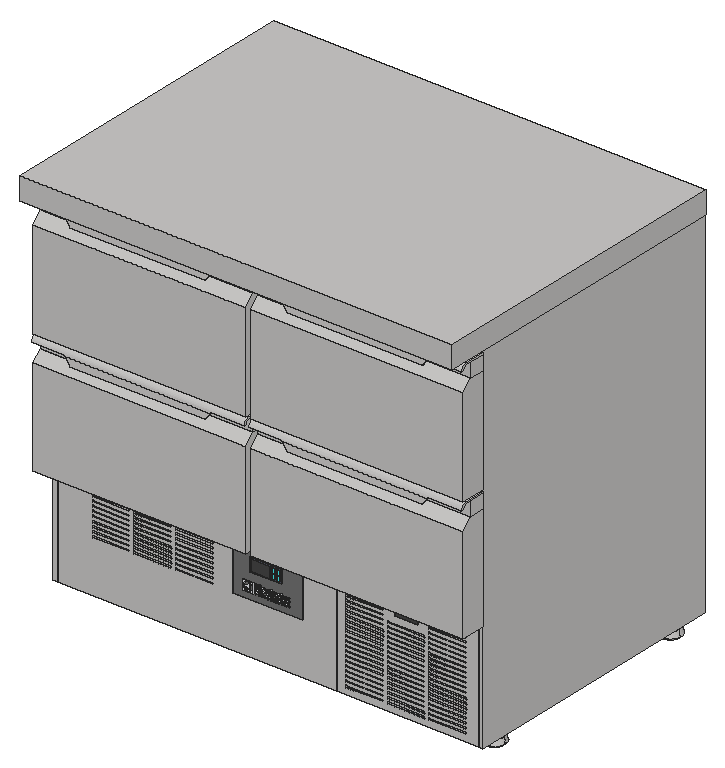
Revit family "QF_ELECTROLUXPROFESSIONAL_725113_SAL25T04", category Attrezzature speciali, Revit 2021
Family settings
  Quota connettore circolare = Usa diametro
  Tipo di parte = Normale
  Basato su piano di lavoro = No
  Sempre verticale = Sì
  Taglio con vuoti quando caricato = No
  Condiviso = No
  Punto di calcolo locali = No
Parameters (values of type "Standard")
  Weight = 100.00 kg
  Watts = 220 W
  Volts = 220 V
  URL Manufacturer = "https://www.electroluxprofessional.com/"
  URL = "https://www.electroluxprofessional.com/"
  Steam Supply Size = 0 mm
  Steam Supply Minimum Pressure = 0.0 Pa
  Steam Supply Maximum Pressure = 0.0 Pa
  Steam Consumption per Hour = 0
  Refrigeration Suction Line Size = 0 mm
  Refrigeration Liquid Line Size = 0 mm
  Refrigerant Compressor Remote = yes
  Prospetto di default = 0 mm
  Produttore = "Electrolux Professional"
  Phase = 1
  Modello = "SAL25T04"
  Length Actual = 955 mm  # constant formula
  Item Number = "725113"
  Hot Water Size = 0 mm
  Height Actual = 858 mm  # constant formula
  HP = "0.3 HP"
  Gas Size = 0 mm
  Gas KW = 0
  Gas Input Pressure = 0 W
  Direct Waste Size = 0 mm
  Descrizione = "4-DRAWER REFRIGERATED COUNTER 250L +2+10° + STAINLESS STEEL TOP R290"
  Depth Actual = 700 mm  # constant formula
  Cycle = 50 Hz
  Condensate Return Size = 0 mm
  Compressed Air Volume = 0.0 L/s
  Compressed Air Size = 0 mm
  Compressed Air Pressure = 0.0 Pa
  Cold Water Size = 0 mm
  Accessory = yes
Reference planes
  plane 1: z = 0
  plane 2 "Center (Left/Right)": x = -126.5
  plane 3 "Center (Front/Back)": y = 64.5
  plane 4 "BACK": y = 414.5
  plane 5 "FRONT": y = -285.5
  plane 6 "LEFT": x = -604
  plane 7 "RIGHT": x = 351
  plane 8 "FEET": z = 20
  plane 9 "TOP": z = 858
  plane 10 "PLAIN": z = 808
  plane 11 "EI_back": y = 414.5
  plane 12 "EI_left": x = 287.5
  plane 13 "BorderBack": y = 414.5
  plane 14 "BorderFront": y = -252.5
  plane 15 "DOOR": y = -197.5
  plane 16 "BorderLeft": x = -601.5
  plane 17 "BorderRight": x = 348.5
  plane 18: x = -576.5
  plane 19: x = 323.5
  plane 20: y = -701.5
  plane 21: z = 260
  plane 22 "FeetBack": y = 347.5
  plane 23 "FeetFront": y = -137.5
  plane 24 "FeetRight": x = 326.2
  plane 25 "FeetLeft": x = -579.2
  plane 26 "DrainX": x = -271.5
  plane 27 "DrainY": y = 91.5
  plane 28: z = 238
Forms (mm)
  Extrusion 1, solid, material "QF_Finishes_Stainless Steel"
    sketch origin (-1022.223, 359, -1763) x (-1, 0, 0) y (0, 0, -1)
      loop
        circle (-1309.723, -1883) r 5
    from -55.5 to -57.278
  Extrusion 2, solid, material "QF_Finishes_Stainless Steel"
    sketch origin (-1022.223, -1524, 20) x (-1, 0, 0) y (0, -1, 0)
      loop
        line (-420.723, -1938.5) -> (-420.723, -1326.5) -> (-1370.723, -1326.5) -> (-1370.723, -1938.5) -> (-420.723, -1938.5)
    from 0 to 788
  Extrusion 3, solid, material "QF_Finishes_Stainless Steel"
    sketch origin (0, 0, 808) x (-1, 0, 0) y (0, -1, 0)
      loop
        line (604, -414.5) -> (604, 285.5) -> (-351, 285.5) -> (-351, -414.5) -> (604, -414.5)
    from 0 to 50
  Extrusion 4, void
    sketch origin (0, 0, 0) x (1, 0, 0) y (0, 1, 0)
      loop
        line (-591.5, -197.5) -> (338.5, -197.5) -> (338.5, -195.5) -> (-591.5, -195.5) -> (-591.5, -197.5)
    from 20 to 260
  Extrusion 5, solid, material "QF_Finishes_Stainless Steel"
    sketch origin (0, 0, 0) x (1, 0, 0) y (0, 1, 0)
      loop
        line (-591.5, -195.5) -> (-591.5, -197.5) -> (26.373, -197.5) -> (26.373, -195.5) -> (-591.5, -195.5)
    from 20 to 260
  Extrusion 6, solid, material "QF_Finishes_Stainless Steel"
    sketch origin (0, 0, 0) x (1, 0, 0) y (0, 1, 0)
      loop
        line (26.373, -195.5) -> (26.373, -197.5) -> (338.5, -197.5) -> (338.5, -195.5) -> (26.373, -195.5)
    from 20 to 260
  Extrusion 7, void
    sketch origin (560, -285.5, 0) x (-1, 0, 0) y (0, 0, 1)
      loop
        line (514.036, 239.427) -> (431.036, 239.427) -> (431.036, 234.427) -> (514.036, 234.427) -> (514.036, 239.427)
      loop
        line (514.036, 229.427) -> (431.036, 229.427) -> (431.036, 224.427) -> (514.036, 224.427) -> (514.036, 229.427)
      loop
        line (514.036, 219.427) -> (431.036, 219.427) -> (431.036, 214.427) -> (514.036, 214.427) -> (514.036, 219.427)
      loop
        line (514.036, 209.427) -> (431.036, 209.427) -> (431.036, 204.427) -> (514.036, 204.427) -> (514.036, 209.427)
      loop
        line (514.036, 199.427) -> (431.036, 199.427) -> (431.036, 194.427) -> (514.036, 194.427) -> (514.036, 199.427)
      loop
        line (514.036, 189.427) -> (431.036, 189.427) -> (431.036, 184.427) -> (514.036, 184.427) -> (514.036, 189.427)
      loop
        line (514.036, 179.427) -> (431.036, 179.427) -> (431.036, 174.427) -> (514.036, 174.427) -> (514.036, 179.427)
      loop
        line (514.036, 169.427) -> (431.036, 169.427) -> (431.036, 164.427) -> (514.036, 164.427) -> (514.036, 169.427)
      loop
        line (514.036, 149.427) -> (431.036, 149.427) -> (431.036, 144.427) -> (514.036, 144.427) -> (514.036, 149.427)
      loop
        line (514.036, 139.427) -> (431.036, 139.427) -> (431.036, 134.427) -> (514.036, 134.427) -> (514.036, 139.427)
      loop
        line (422.036, 199.427) -> (339.036, 199.427) -> (339.036, 194.427) -> (422.036, 194.427) -> (422.036, 199.427)
      loop
        line (422.036, 189.427) -> (339.036, 189.427) -> (339.036, 184.427) -> (422.036, 184.427) -> (422.036, 189.427)
      loop
        line (422.036, 179.427) -> (339.036, 179.427) -> (339.036, 174.427) -> (422.036, 174.427) -> (422.036, 179.427)
      loop
        line (422.036, 149.427) -> (339.036, 149.427) -> (339.036, 144.427) -> (422.036, 144.427) -> (422.036, 149.427)
      loop
        line (422.036, 139.427) -> (339.036, 139.427) -> (339.036, 134.427) -> (422.036, 134.427) -> (422.036, 139.427)
      loop
        line (330.036, 239.427) -> (247.036, 239.427) -> (247.036, 234.427) -> (330.036, 234.427) -> (330.036, 239.427)
      loop
        line (330.036, 229.427) -> (247.036, 229.427) -> (247.036, 224.427) -> (330.036, 224.427) -> (330.036, 229.427)
      loop
        line (330.036, 219.427) -> (247.036, 219.427) -> (247.036, 214.427) -> (330.036, 214.427) -> (330.036, 219.427)
      loop
        line (330.036, 209.427) -> (247.036, 209.427) -> (247.036, 204.427) -> (330.036, 204.427) -> (330.036, 209.427)
      loop
        line (330.036, 199.427) -> (247.036, 199.427) -> (247.036, 194.427) -> (330.036, 194.427) -> (330.036, 199.427)
      loop
        line (330.036, 189.427) -> (247.036, 189.427) -> (247.036, 184.427) -> (330.036, 184.427) -> (330.036, 189.427)
      loop
        line (330.036, 179.427) -> (247.036, 179.427) -> (247.036, 174.427) -> (330.036, 174.427) -> (330.036, 179.427)
      loop
        line (330.036, 149.427) -> (247.036, 149.427) -> (247.036, 144.427) -> (330.036, 144.427) -> (330.036, 149.427)
      loop
        line (330.036, 139.427) -> (247.036, 139.427) -> (247.036, 134.427) -> (330.036, 134.427) -> (330.036, 139.427)
      loop
        line (422.036, 169.427) -> (339.036, 169.427) -> (339.036, 164.427) -> (422.036, 164.427) -> (422.036, 169.427)
      loop
        line (330.036, 169.427) -> (247.036, 169.427) -> (247.036, 164.427) -> (330.036, 164.427) -> (330.036, 169.427)
      loop
        line (514.036, 159.427) -> (431.036, 159.427) -> (431.036, 154.427) -> (514.036, 154.427) -> (514.036, 159.427)
      loop
        line (422.036, 159.427) -> (339.036, 159.427) -> (339.036, 154.427) -> (422.036, 154.427) -> (422.036, 159.427)
      loop
        line (330.036, 159.427) -> (247.036, 159.427) -> (247.036, 154.427) -> (330.036, 154.427) -> (330.036, 159.427)
      loop
        line (514.036, 129.427) -> (431.036, 129.427) -> (431.036, 124.427) -> (514.036, 124.427) -> (514.036, 129.427)
      loop
        line (514.036, 119.427) -> (431.036, 119.427) -> (431.036, 114.427) -> (514.036, 114.427) -> (514.036, 119.427)
      loop
        line (514.036, 109.427) -> (431.036, 109.427) -> (431.036, 104.427) -> (514.036, 104.427) -> (514.036, 109.427)
      loop
        line (514.036, 99.427) -> (431.036, 99.427) -> (431.036, 94.427) -> (514.036, 94.427) -> (514.036, 99.427)
      loop
        line (514.036, 79.427) -> (431.036, 79.427) -> (431.036, 74.427) -> (514.036, 74.427) -> (514.036, 79.427)
      loop
        line (514.036, 69.427) -> (431.036, 69.427) -> (431.036, 64.427) -> (514.036, 64.427) -> (514.036, 69.427)
      loop
        line (422.036, 129.427) -> (339.036, 129.427) -> (339.036, 124.427) -> (422.036, 124.427) -> (422.036, 129.427)
      loop
        line (422.036, 119.427) -> (339.036, 119.427) -> (339.036, 114.427) -> (422.036, 114.427) -> (422.036, 119.427)
      loop
        line (422.036, 109.427) -> (339.036, 109.427) -> (339.036, 104.427) -> (422.036, 104.427) -> (422.036, 109.427)
      loop
        line (422.036, 79.427) -> (339.036, 79.427) -> (339.036, 74.427) -> (422.036, 74.427) -> (422.036, 79.427)
      loop
        line (422.036, 69.427) -> (339.036, 69.427) -> (339.036, 64.427) -> (422.036, 64.427) -> (422.036, 69.427)
      loop
        line (330.036, 129.427) -> (247.036, 129.427) -> (247.036, 124.427) -> (330.036, 124.427) -> (330.036, 129.427)
      loop
        line (330.036, 119.427) -> (247.036, 119.427) -> (247.036, 114.427) -> (330.036, 114.427) -> (330.036, 119.427)
      loop
        line (330.036, 109.427) -> (247.036, 109.427) -> (247.036, 104.427) -> (330.036, 104.427) -> (330.036, 109.427)
      loop
        line (330.036, 79.427) -> (247.036, 79.427) -> (247.036, 74.427) -> (330.036, 74.427) -> (330.036, 79.427)
      loop
        line (330.036, 69.427) -> (247.036, 69.427) -> (247.036, 64.427) -> (330.036, 64.427) -> (330.036, 69.427)
      loop
        line (422.036, 99.427) -> (339.036, 99.427) -> (339.036, 94.427) -> (422.036, 94.427) -> (422.036, 99.427)
      loop
        line (330.036, 99.427) -> (247.036, 99.427) -> (247.036, 94.427) -> (330.036, 94.427) -> (330.036, 99.427)
      loop
        line (514.036, 89.427) -> (431.036, 89.427) -> (431.036, 84.427) -> (514.036, 84.427) -> (514.036, 89.427)
      loop
        line (422.036, 89.427) -> (339.036, 89.427) -> (339.036, 84.427) -> (422.036, 84.427) -> (422.036, 89.427)
      loop
        line (330.036, 89.427) -> (247.036, 89.427) -> (247.036, 84.427) -> (330.036, 84.427) -> (330.036, 89.427)
      loop
        line (514.036, 49.427) -> (431.036, 49.427) -> (431.036, 44.427) -> (514.036, 44.427) -> (514.036, 49.427)
      loop
        line (514.036, 39.427) -> (431.036, 39.427) -> (431.036, 34.427) -> (514.036, 34.427) -> (514.036, 39.427)
      loop
        line (422.036, 49.427) -> (339.036, 49.427) -> (339.036, 44.427) -> (422.036, 44.427) -> (422.036, 49.427)
      loop
        line (422.036, 39.427) -> (339.036, 39.427) -> (339.036, 34.427) -> (422.036, 34.427) -> (422.036, 39.427)
      loop
        line (330.036, 49.427) -> (247.036, 49.427) -> (247.036, 44.427) -> (330.036, 44.427) -> (330.036, 49.427)
      loop
        line (330.036, 39.427) -> (247.036, 39.427) -> (247.036, 34.427) -> (330.036, 34.427) -> (330.036, 39.427)
      loop
        line (514.036, 59.427) -> (431.036, 59.427) -> (431.036, 54.427) -> (514.036, 54.427) -> (514.036, 59.427)
      loop
        line (422.036, 59.427) -> (339.036, 59.427) -> (339.036, 54.427) -> (422.036, 54.427) -> (422.036, 59.427)
      loop
        line (330.036, 59.427) -> (247.036, 59.427) -> (247.036, 54.427) -> (330.036, 54.427) -> (330.036, 59.427)
      loop
        line (405.536, 239.427) -> (355.536, 239.427) -> (355.536, 214.427) -> (405.536, 214.427) -> (405.536, 239.427)
    from 88 to 90
  Extrusion 8, solid, material "QF_Finishes_Black"
    sketch origin (0, -285.5, 0) x (-1, 0, 0) y (0, 0, 1)
      loop
        line (-154.464, 239.427) -> (-204.464, 239.427) -> (-204.464, 214.427) -> (-154.464, 214.427) -> (-154.464, 239.427)
    from 88 to 90
  Extrusion 9, solid, material "QF_Finishes_Stainless Steel"
    sketch origin (-1022.223, -1524, 20) x (-1, 0, 0) y (0, -1, 0)
      loop
        circle (-750.723, -1615.5) r 6.35
    from 199.427 to 218
  Extrusion 10, void
    sketch origin (0, -285.5, 0) x (-1, 0, 0) y (0, 0, 1)
      loop
        line (514.036, 239.427) -> (431.036, 239.427) -> (431.036, 234.427) -> (514.036, 234.427) -> (514.036, 239.427)
      loop
        line (514.036, 229.427) -> (431.036, 229.427) -> (431.036, 224.427) -> (514.036, 224.427) -> (514.036, 229.427)
      loop
        line (514.036, 219.427) -> (431.036, 219.427) -> (431.036, 214.427) -> (514.036, 214.427) -> (514.036, 219.427)
      loop
        line (514.036, 209.427) -> (431.036, 209.427) -> (431.036, 204.427) -> (514.036, 204.427) -> (514.036, 209.427)
      loop
        line (514.036, 199.427) -> (431.036, 199.427) -> (431.036, 194.427) -> (514.036, 194.427) -> (514.036, 199.427)
      loop
        line (514.036, 189.427) -> (431.036, 189.427) -> (431.036, 184.427) -> (514.036, 184.427) -> (514.036, 189.427)
      loop
        line (514.036, 179.427) -> (431.036, 179.427) -> (431.036, 174.427) -> (514.036, 174.427) -> (514.036, 179.427)
      loop
        line (514.036, 169.427) -> (431.036, 169.427) -> (431.036, 164.427) -> (514.036, 164.427) -> (514.036, 169.427)
      loop
        line (514.036, 149.427) -> (431.036, 149.427) -> (431.036, 144.427) -> (514.036, 144.427) -> (514.036, 149.427)
      loop
        line (514.036, 139.427) -> (431.036, 139.427) -> (431.036, 134.427) -> (514.036, 134.427) -> (514.036, 139.427)
      loop
        line (422.036, 199.427) -> (339.036, 199.427) -> (339.036, 194.427) -> (422.036, 194.427) -> (422.036, 199.427)
      loop
        line (422.036, 189.427) -> (339.036, 189.427) -> (339.036, 184.427) -> (422.036, 184.427) -> (422.036, 189.427)
      loop
        line (422.036, 179.427) -> (339.036, 179.427) -> (339.036, 174.427) -> (422.036, 174.427) -> (422.036, 179.427)
      loop
        line (422.036, 149.427) -> (339.036, 149.427) -> (339.036, 144.427) -> (422.036, 144.427) -> (422.036, 149.427)
      loop
        line (422.036, 139.427) -> (339.036, 139.427) -> (339.036, 134.427) -> (422.036, 134.427) -> (422.036, 139.427)
      loop
        line (330.036, 239.427) -> (247.036, 239.427) -> (247.036, 234.427) -> (330.036, 234.427) -> (330.036, 239.427)
      loop
        line (330.036, 229.427) -> (247.036, 229.427) -> (247.036, 224.427) -> (330.036, 224.427) -> (330.036, 229.427)
      loop
        line (330.036, 219.427) -> (247.036, 219.427) -> (247.036, 214.427) -> (330.036, 214.427) -> (330.036, 219.427)
      loop
        line (330.036, 209.427) -> (247.036, 209.427) -> (247.036, 204.427) -> (330.036, 204.427) -> (330.036, 209.427)
      loop
        line (330.036, 199.427) -> (247.036, 199.427) -> (247.036, 194.427) -> (330.036, 194.427) -> (330.036, 199.427)
      loop
        line (330.036, 189.427) -> (247.036, 189.427) -> (247.036, 184.427) -> (330.036, 184.427) -> (330.036, 189.427)
      loop
        line (330.036, 179.427) -> (247.036, 179.427) -> (247.036, 174.427) -> (330.036, 174.427) -> (330.036, 179.427)
      loop
        line (330.036, 149.427) -> (247.036, 149.427) -> (247.036, 144.427) -> (330.036, 144.427) -> (330.036, 149.427)
      loop
        line (330.036, 139.427) -> (247.036, 139.427) -> (247.036, 134.427) -> (330.036, 134.427) -> (330.036, 139.427)
      loop
        line (422.036, 169.427) -> (339.036, 169.427) -> (339.036, 164.427) -> (422.036, 164.427) -> (422.036, 169.427)
      loop
        line (330.036, 169.427) -> (247.036, 169.427) -> (247.036, 164.427) -> (330.036, 164.427) -> (330.036, 169.427)
      loop
        line (514.036, 159.427) -> (431.036, 159.427) -> (431.036, 154.427) -> (514.036, 154.427) -> (514.036, 159.427)
      loop
        line (422.036, 159.427) -> (339.036, 159.427) -> (339.036, 154.427) -> (422.036, 154.427) -> (422.036, 159.427)
      loop
        line (330.036, 159.427) -> (247.036, 159.427) -> (247.036, 154.427) -> (330.036, 154.427) -> (330.036, 159.427)
      loop
        line (422.036, 239.427) -> (339.036, 239.427) -> (339.036, 234.427) -> (422.036, 234.427) -> (422.036, 239.427)
      loop
        line (422.036, 229.427) -> (339.036, 229.427) -> (339.036, 224.427) -> (422.036, 224.427) -> (422.036, 229.427)
      loop
        line (422.036, 219.427) -> (339.036, 219.427) -> (339.036, 214.427) -> (422.036, 214.427) -> (422.036, 219.427)
      loop
        line (422.036, 209.427) -> (339.036, 209.427) -> (339.036, 204.427) -> (422.036, 204.427) -> (422.036, 209.427)
      loop
        line (204.5, 134.427) -> (204.5, 239.427) -> (48.5, 239.427) -> (48.5, 134.427) -> (204.5, 134.427)
    from 88 to 90
Cuts and joins
  Extrusion 4, Extrusion 7, Extrusion 10 cuts Extrusion 2
  Extrusion 7, Extrusion 10 cuts Extrusion 5
  Extrusion 7 cuts Extrusion 6
Lines and regions (mm)
  symbolic lines, style "SpecialityEquipment"
    curve 1: line (-604, 414.5, 808) -> (351, 414.5, 808)
    curve 2: line (-604, -285.5, 808) -> (-604, 414.5, 808)
    curve 3: line (351, -285.5, 808) -> (-604, -285.5, 808)
    curve 4: line (351, 414.5, 808) -> (351, -285.5, 808)
  symbolic lines, style "SpecialityEquipmentHiddenLines"
    curve 5: line (-604, -197.5, 808) -> (351, -197.5, 808)
Dimensions and locks
  equal spacing: plane 6 "LEFT", plane 2 "Center (Left/Right)", plane 7 "RIGHT"
  plane 8 "FEET" to level = 20 mm
  plane 4 "BACK" to plane 13 "BorderBack" = 0 mm
  plane 14 "BorderFront" to plane 5 "FRONT" = 33 mm
  plane 15 "DOOR" to plane 14 "BorderFront" = 55 mm
  plane 6 "LEFT" to plane 16 "BorderLeft" = 2.5 mm
  plane 17 "BorderRight" to plane 7 "RIGHT" = 2.5 mm
  plane 10 "PLAIN" to plane 8 "FEET" = 788 mm
  plane 9 "TOP" to plane 10 "PLAIN" = 50 mm
  plane 19 to plane 17 "BorderRight" = 25 mm
  plane 13 "BorderBack" to plane 11 "EI_back" = 0 mm
  plane 6 "LEFT" to plane 7 "RIGHT" = 955 mm
  plane 4 "BACK" to plane 5 "FRONT" = 700 mm
  equal spacing: plane 4 "BACK", plane 3 "Center (Front/Back)", plane 5 "FRONT"
  plane 13 "BorderBack" to plane 20 = 1116 mm
  plane 21 to plane 8 "FEET" = 240 mm
  plane 13 "BorderBack" to plane 22 "FeetBack" = 67 mm
  plane 23 "FeetFront" to plane 15 "DOOR" = 60 mm
  plane 24 "FeetRight" to plane 17 "BorderRight" = 22.3 mm
  plane 12 "EI_left" to plane 17 "BorderRight" = 61 mm
  plane 13 "BorderBack" to plane 27 "DrainY" = 323 mm
  plane 16 "BorderLeft" to plane 26 "DrainX" = 330 mm
  plane 28 to plane 8 "FEET" = 218 mm
  aligned and locked: level to plane 1
Automatic sketch dimensions
  Extrusion 1 sketch curve to plane 12 "EI_left" = 0 mm
  plane 8 "FEET" to Extrusion 1 sketch curve = 100 mm
  Extrusion 2 sketch curve to plane 4 "BACK" = 0 mm
  Extrusion 2 sketch curve to plane 17 "BorderRight" = 0 mm
  Extrusion 2 sketch curve to plane 15 "DOOR" = 0 mm
  Extrusion 2 sketch curve to plane 16 "BorderLeft" = 0 mm
  Extrusion 3 sketch curve to plane 4 "BACK" = 0 mm
  Extrusion 3 sketch curve to plane 7 "RIGHT" = 0 mm
  Extrusion 3 sketch curve to plane 5 "FRONT" = 0 mm
  Extrusion 3 sketch curve to plane 6 "LEFT" = 0 mm
  Extrusion 4 sketch curve to plane 15 "DOOR" = 0 mm
  plane 16 "BorderLeft" to Extrusion 4 sketch curve = 10 mm
  Extrusion 4 sketch curve to plane 17 "BorderRight" = 10 mm
  plane 15 "DOOR" to Extrusion 4 sketch curve = 2 mm
  Extrusion 5 sketch curve to plane 15 "DOOR" = 0 mm
  plane 16 "BorderLeft" to Extrusion 5 sketch curve = 10 mm
  plane 2 "Center (Left/Right)" to Extrusion 5 sketch curve = 152.873 mm
  plane 15 "DOOR" to Extrusion 5 sketch curve = 2 mm
  Extrusion 6 sketch curve to plane 15 "DOOR" = 0 mm
  plane 2 "Center (Left/Right)" to Extrusion 6 sketch curve = 152.873 mm
  Extrusion 6 sketch curve to plane 17 "BorderRight" = 10 mm
  plane 15 "DOOR" to Extrusion 6 sketch curve = 2 mm
  Extrusion 7 sketch curve to plane 19 = 10.536 mm  (x6)
  Extrusion 7 sketch curve to Extrusion 7 sketch curve = 0 mm  (x96)
  Extrusion 7 sketch curve to Extrusion 7 sketch curve = 83 mm  (x4)
  Extrusion 7 sketch curve to plane 21 = 20.573 mm  (x2)
  Extrusion 7 sketch curve to Extrusion 7 sketch curve = 9 mm  (x11)
  Extrusion 7 sketch curve to Extrusion 7 sketch curve = 66.5 mm
  Extrusion 7 sketch curve to Extrusion 7 sketch curve = 16.5 mm
  plane 8 "FEET" to Extrusion 7 sketch curve = 29.427 mm  (x2)
  Extrusion 7 sketch curve to Extrusion 7 sketch curve = 5 mm  (x115)
  Extrusion 7 sketch curve to Extrusion 7 sketch curve = 15 mm
  Extrusion 7 sketch curve to Extrusion 7 sketch curve = 25.5 mm
  Extrusion 8 sketch curve to plane 21 = 20.573 mm
  Extrusion 8 sketch curve to plane 19 = 119.036 mm
  Extrusion 8 sketch curve to Extrusion 8 sketch curve = 50 mm
  Extrusion 8 sketch curve to Extrusion 8 sketch curve = 25 mm
  Extrusion 9 sketch curve to plane 26 "DrainX" = 0 mm
  Extrusion 9 sketch curve to plane 27 "DrainY" = 0 mm
  curve 1 to plane 4 "BACK" = 0 mm
  curve 5 to plane 7 "RIGHT" = 0 mm
  curve 3 to plane 5 "FRONT" = 0 mm
  curve 3 to plane 6 "LEFT" = 0 mm
  curve 5 to plane 15 "DOOR" = 0 mm
  plane 2 "Center (Left/Right)" to Extrusion 10 sketch curve = 78 mm
  plane 28 to Extrusion 10 sketch curve = 1.427 mm  (x4)
  plane 26 "DrainX" to Extrusion 10 sketch curve = 67 mm
  plane 26 "DrainX" to Extrusion 10 sketch curve = 24.464 mm  (x2)
  Extrusion 10 sketch curve to Extrusion 10 sketch curve = 0 mm  (x56)
  Extrusion 10 sketch curve to plane 26 "DrainX" = 58.536 mm
  Extrusion 10 sketch curve to Extrusion 10 sketch curve = 9 mm  (x6)
  Extrusion 10 sketch curve to Extrusion 10 sketch curve = 83 mm
  Extrusion 10 sketch curve to plane 28 = 3.573 mm  (x3)
  Extrusion 10 sketch curve to plane 28 = 13.573 mm  (x2)
  plane 18 to Extrusion 10 sketch curve = 62.464 mm  (x2)
  Extrusion 10 sketch curve to Extrusion 10 sketch curve = 5 mm  (x57)
  radius of Extrusion 1 sketch curve = 5 mm
  radius of Extrusion 9 sketch curve = 6.35 mm
Nested families
  nested 1: "HORIZREF_HALF" at (-366.5, -197.5, 531.5) x (1, 0, 0) z (0, -1, 0), type "HORIZREF_HALF"
    with Show Clearance yes
  nested 2: "HORIZREF_ELX_DISPLAY" at (-126.5, -195.5, 184.427) x (1, 0, 0) z (0, -1, 0), type "HORIZREF_ELX_DISPLAY"
    with Show Logo yes
  nested 3: "HORIZREF_FEET20" at (326.2, -137.5, 0), type "HORIZREF_FEET20"
  nested 4: "HORIZREF_FEET20" at (326.2, 347.5, 0), type "HORIZREF_FEET20"
  nested 5: "HORIZREF_FEET20" at (-579.2, -137.5, 0), type "HORIZREF_FEET20"
  nested 6: "HORIZREF_FEET20" at (-579.2, 347.5, 0), type "HORIZREF_FEET20"
  nested 7: "HORIZREF_HALF" at (113.5, -197.5, 531.5) x (1, 0, 0) z (0, -1, 0), type "HORIZREF_HALF"
    with Show Clearance yes
  nested 8: "Refrigerator" at (351, -285.5, 808), type "Refrigerator"
Connectors
  electrical at (287.5, 416.278, 120), driven by "Volts"
    settings: on Extrusion 1, index 1, voltage 220 V, apparent load 0 VA, apparent load phase1 0 VA, apparent load phase2 0 VA, apparent load phase3 0 VA, power factor 1, load classification "Other", number of poles 1, system type 31, power factor state 1, is connector primary yes, connector utility no, sub classification motor no, connector description "Electrical Connection"
  piping at (-271.5, 91.5, 219.427), diameter 12.7
    settings: on Extrusion 9, index 2, connector inside diameter 609.6 mm, connector length 0 mm, flow factor 0, pipe flow 0.0 L/s, pressure drop 0.0 Pa, fitting loss kfactor 0, connector angle 0.00°, fixture units 0, engagement length 0 mm, angle of deflection 0.00°, flow configuration 0, flow direction 2, fitting loss method 0, system type 16, joint type 0, gender type 0, connector reference index -1, connector utility 0, adjustable connector no, is connector primary yes, connector description "Drain"
Definition of nested family "HORIZREF_HALF"
  Parameters
    Show Clearance [instance] = yes
    Default Elevation = 1219.2 mm
  Reference planes
    plane 1 "Centro (Fronte/Retro)": y = 0
    plane 2: z = 0
    plane 3 "Centro (Sinistra/Destra)": x = 0
    plane 4 "Left": x = -235
    plane 5 "Right": x = 235
    plane 6: y = -271.5
    plane 7: y = 271.5
  Forms (mm)
    Extrusion 1, solid
      sketch origin (0, 0, 0) x (1, 0, 0) y (0, 1, 0)
        loop
          line (-1219.2, 1219.2) -> (-1219.2, -1219.2) -> (1219.2, -1219.2) -> (1219.2, 1219.2) -> (-1219.2, 1219.2)
      from 0 to -304.8
    Extrusion 2, solid
      sketch origin (0, -42.5, -3) x (0, 1, 0) y (0, 0, 1)
        loop
          line (42.5, 58) -> (42.5, 3) -> (279.183, 3) -> (279.183, 37.596) -> (258.779, 58) -> (42.5, 58)
      from -235 to 235
    Extrusion 3, solid
      sketch origin (0, -42.5, 0) x (0, 1, 0) y (0, 0, 1)
        loop
          line (314, 0) -> (314, 44.493)
          arc (314, 44.493) -> (310.059, 54.627) -> (300.307, 59.436) r 15
          line (300.307, 59.436) -> (285.612, 60.721) -> (285.351, 57.733) -> (300.046, 56.447)
          arc (300.046, 56.447) -> (307.847, 52.6) -> (311, 44.493) r 12
          line (311, 44.493) -> (311, 0) -> (314, 0)
      from -235 to 235
    Extrusion 4, void
      sketch origin (0, -42.5, 0) x (1, 0, 0) y (0, 1, 0)
        loop
          line (-235, 285.351) -> (-147.017, 285.351)
          arc (-147.017, 285.351) -> (-148.802, 285.771) -> (-150.212, 286.944) r 4
          line (-150.212, 286.944) -> (-160.798, 300.992)
          arc (-160.798, 300.992) -> (-162.208, 302.165) -> (-163.992, 302.585) r 4
          line (-163.992, 302.585) -> (-235, 302.585) -> (-235, 285.351)
        loop
          line (235, 285.351) -> (235, 302.585) -> (163.992, 302.585)
          arc (163.992, 302.585) -> (162.208, 302.165) -> (160.798, 300.992) r 4
          line (160.798, 300.992) -> (150.212, 286.944)
          arc (150.212, 286.944) -> (148.802, 285.771) -> (147.017, 285.351) r 4
          line (147.017, 285.351) -> (235, 285.351)
      from 29.294 to 84.515
    Extrusion 5, solid
      sketch origin (0, -42.5, -3) x (0, 1, 0) y (0, 0, 1)
        loop
          line (279.183, 37.596) -> (279.183, 3) -> (311, 3) -> (311, 37.596) -> (279.183, 37.596)
      from -235 to 235
    Extrusion 6, solid
      sketch origin (0, -42.5, -3) x (0, 1, 0) y (0, 0, 1)
        loop
          line (-229, 58) -> (-229, 3) -> (4.183, 3) -> (4.183, 37.596) -> (-16.221, 58) -> (-229, 58)
      from -235 to 235
    Extrusion 7, solid
      sketch origin (0, -317.5, 0) x (0, 1, 0) y (0, 0, 1)
        loop
          line (314, 0) -> (314, 44.493)
          arc (314, 44.493) -> (310.059, 54.627) -> (300.307, 59.436) r 15
          line (300.307, 59.436) -> (285.612, 60.721) -> (285.351, 57.733) -> (300.046, 56.447)
          arc (300.046, 56.447) -> (307.847, 52.6) -> (311, 44.493) r 12
          line (311, 44.493) -> (311, 0) -> (314, 0)
      from -235 to 235
    Extrusion 8, solid
      sketch origin (0, -317.5, -3) x (0, 1, 0) y (0, 0, 1)
        loop
          line (279.183, 37.596) -> (279.183, 3) -> (311, 3) -> (311, 37.596) -> (279.183, 37.596)
      from -235 to 235
    Extrusion 9, solid, detail levels coarse
      sketch origin (0, -42.5, 446) x (0, 1, 0) y (0, 0, 1)
        loop
          line (42.5, 58) -> (42.5, 3) -> (279.183, 3) -> (279.183, 37.596) -> (258.779, 58) -> (42.5, 58)
      from -235 to 235
    Extrusion 10, solid, detail levels coarse
      sketch origin (0, -42.5, 446) x (0, 1, 0) y (0, 0, 1)
        loop
          line (-229, 58) -> (-229, 3) -> (4.183, 3) -> (4.183, 37.596) -> (-16.221, 58) -> (-229, 58)
      from -235 to 235
    Extrusion 11, solid, detail levels coarse
      sketch origin (0, -42.5, 454) x (0, 1, 0) y (0, 0, 1)
        loop
          line (314, -5) -> (314, 39.493)
          arc (314, 39.493) -> (310.059, 49.627) -> (300.307, 54.436) r 15
          line (300.307, 54.436) -> (285.612, 55.721) -> (285.351, 52.733) -> (300.046, 51.447)
          arc (300.046, 51.447) -> (307.847, 47.6) -> (311, 39.493) r 12
          line (311, 39.493) -> (311, -5) -> (314, -5)
      from -235 to 235
    Extrusion 12, solid, detail levels coarse
      sketch origin (0, -317.5, 454) x (0, 1, 0) y (0, 0, 1)
        loop
          line (314, -5) -> (314, 39.493)
          arc (314, 39.493) -> (310.059, 49.627) -> (300.307, 54.436) r 15
          line (300.307, 54.436) -> (285.612, 55.721) -> (285.351, 52.733) -> (300.046, 51.447)
          arc (300.046, 51.447) -> (307.847, 47.6) -> (311, 39.493) r 12
          line (311, 39.493) -> (311, -5) -> (314, -5)
      from -235 to 235
    Extrusion 13, void
      sketch origin (0, -42.5, 0) x (1, 0, 0) y (0, 1, 0)
        loop
          line (-235, 285.351) -> (-147.017, 285.351)
          arc (-147.017, 285.351) -> (-148.802, 285.771) -> (-150.212, 286.944) r 4
          line (-150.212, 286.944) -> (-160.798, 300.992)
          arc (-160.798, 300.992) -> (-162.208, 302.165) -> (-163.992, 302.585) r 4
          line (-163.992, 302.585) -> (-235, 302.585) -> (-235, 285.351)
        loop
          line (235, 285.351) -> (235, 302.585) -> (163.992, 302.585)
          arc (163.992, 302.585) -> (162.208, 302.165) -> (160.798, 300.992) r 4
          line (160.798, 300.992) -> (150.212, 286.944)
          arc (150.212, 286.944) -> (148.802, 285.771) -> (147.017, 285.351) r 4
          line (147.017, 285.351) -> (235, 285.351)
      from 489.516 to 524.362
    Extrusion 14, void
      sketch origin (0, -317.5, 0) x (1, 0, 0) y (0, 1, 0)
        loop
          line (-235, 285.351) -> (-147.017, 285.351)
          arc (-147.017, 285.351) -> (-148.802, 285.771) -> (-150.212, 286.944) r 4
          line (-150.212, 286.944) -> (-160.798, 300.992)
          arc (-160.798, 300.992) -> (-162.208, 302.165) -> (-163.992, 302.585) r 4
          line (-163.992, 302.585) -> (-235, 302.585) -> (-235, 285.351)
        loop
          line (235, 285.351) -> (235, 302.585) -> (163.992, 302.585)
          arc (163.992, 302.585) -> (162.208, 302.165) -> (160.798, 300.992) r 4
          line (160.798, 300.992) -> (150.212, 286.944)
          arc (150.212, 286.944) -> (148.802, 285.771) -> (147.017, 285.351) r 4
          line (147.017, 285.351) -> (235, 285.351)
      from 489.516 to 524.362
    Extrusion 15, solid, detail levels coarse
      sketch origin (0, -42.5, 446) x (0, 1, 0) y (0, 0, 1)
        loop
          line (279.183, 37.596) -> (279.183, 3) -> (311, 3) -> (311, 37.596) -> (279.183, 37.596)
      from -235 to 235
    Extrusion 16, solid, detail levels coarse
      sketch origin (0, -317.5, 446) x (0, 1, 0) y (0, 0, 1)
        loop
          line (279.183, 37.596) -> (279.183, 3) -> (311, 3) -> (311, 37.596) -> (279.183, 37.596)
      from -235 to 235
    Extrusion 17, void
      sketch origin (0, -317.5, 0) x (1, 0, 0) y (0, 1, 0)
        loop
          line (-235, 285.351) -> (-147.017, 285.351)
          arc (-147.017, 285.351) -> (-148.802, 285.771) -> (-150.212, 286.944) r 4
          line (-150.212, 286.944) -> (-160.798, 300.992)
          arc (-160.798, 300.992) -> (-162.208, 302.165) -> (-163.992, 302.585) r 4
          line (-163.992, 302.585) -> (-235, 302.585) -> (-235, 285.351)
        loop
          line (235, 285.351) -> (235, 302.585) -> (163.992, 302.585)
          arc (163.992, 302.585) -> (162.208, 302.165) -> (160.798, 300.992) r 4
          line (160.798, 300.992) -> (150.212, 286.944)
          arc (150.212, 286.944) -> (148.802, 285.771) -> (147.017, 285.351) r 4
          line (147.017, 285.351) -> (235, 285.351)
      from 43.914 to 69.256
    Extrusion 18, solid, detail levels coarse
      sketch origin (0, 0, 0) x (0, 1, 0) y (0, 0, 1)
        loop
          line (0, 449) -> (0, 55) -> (200, 55) -> (200, 449) -> (0, 449)
        loop
          line (-271.5, 449) -> (-271.5, 55) -> (-71.5, 55) -> (-71.5, 449) -> (-271.5, 449)
      from -164 to 164
  Cuts and joins
    Extrusion 4, Extrusion 13 cuts Extrusion 3
    Extrusion 13 cuts Extrusion 5
    Extrusion 14, Extrusion 17 cuts Extrusion 7
    Extrusion 14 cuts Extrusion 8
    Extrusion 14, Extrusion 17 cuts Extrusion 12
    Extrusion 13 cuts Extrusion 11
  Lines and regions (mm)
    symbolic lines
      curve 1: line (164, 0, 239) -> (164, 0, 88)
      curve 2: line (-164, 0, 239) -> (-164, 0, 88)
      curve 3: line (235, 0, 454) -> (235, 0, 504.219)
      curve 4: line (-235, 0, 454) -> (235, 0, 454)
      curve 5: line (-235, 0, 504.219) -> (-235, 0, 454)
      curve 6: line (-235, 0, 504.219) -> (235, 0, 504.219)
      curve 7: line (235, 0, 239) -> (235, 0, 294)
      curve 8: line (-235, 0, 239) -> (235, 0, 239)
      curve 9: line (-235, 0, 294) -> (-235, 0, 239)
      curve 10: line (-235, 0, 294) -> (235, 0, 294)
      curve 11: line (164, 0, 454) -> (164, 0, 294)
      curve 12: line (-164, 0, 454) -> (-164, 0, 294)
  Dimensions and locks
    plane 4 "Left" to plane 3 "Centro (Sinistra/Destra)" to plane 5 "Right" = 235 mm, 235 mm
    equal spacing: plane 7, plane 1 "Centro (Fronte/Retro)", plane 6
    plane 7 to plane 6 = 543 mm
    aligned and locked: plane 2 to Extrusion 1
    aligned and locked: level to Extrusion 1
  Automatic sketch dimensions
    Extrusion 1 sketch curve to Extrusion 1 sketch curve = 2438.4 mm  (x2)
    Extrusion 2 sketch curve to plane 1 "Centro (Fronte/Retro)" = 0 mm
    Extrusion 2 sketch curve to level = 0 mm
    Extrusion 2 sketch curve to plane 7 = 55.221 mm
    Extrusion 2 sketch curve to Extrusion 2 sketch curve = 20.404 mm  (x2)
    level to Extrusion 2 sketch curve = 34.596 mm
    Extrusion 3 sketch curve to Extrusion 3 sketch curve = 0 mm  (x2)
    Extrusion 3 sketch curve to level = 0 mm
    Extrusion 3 sketch curve to plane 7 = 0 mm
    Extrusion 3 sketch curve to Extrusion 3 sketch curve = 3 mm
    Extrusion 3 sketch curve to plane 7 = 13.693 mm
    Extrusion 3 sketch curve to Extrusion 3 sketch curve = 0.261 mm  (x2)
    Extrusion 3 sketch curve to Extrusion 3 sketch curve = 1.046 mm
    Extrusion 3 sketch curve to Extrusion 3 sketch curve = 14.695 mm
    level to Extrusion 3 sketch curve = 44.493 mm
    Extrusion 4 sketch curve to plane 4 "Left" = 0 mm
    Extrusion 4 sketch curve to plane 5 "Right" = 0 mm
    Extrusion 4 sketch curve to plane 7 = 11.415 mm
    Extrusion 4 sketch curve to Extrusion 4 sketch curve = 71.008 mm
    Extrusion 4 sketch curve to plane 7 = 13.008 mm  (x2)
    Extrusion 4 sketch curve to Extrusion 4 sketch curve = 3.195 mm  (x4)
    Extrusion 4 sketch curve to plane 7 = 27.056 mm  (x2)
    Extrusion 4 sketch curve to Extrusion 4 sketch curve = 10.586 mm  (x2)
    Extrusion 4 sketch curve to plane 7 = 24.649 mm
    Extrusion 4 sketch curve to plane 5 "Right" = 87.983 mm
    Extrusion 4 sketch curve to Extrusion 4 sketch curve = 17.234 mm
    Extrusion 4 sketch curve to Extrusion 4 sketch curve = 2.407 mm
    Extrusion 4 sketch curve to Extrusion 4 sketch curve = 0 mm  (x2)
    Extrusion 5 sketch curve to level = 0 mm
    Extrusion 5 sketch curve to plane 7 = 34.817 mm
    Extrusion 5 sketch curve to plane 7 = 3 mm
    level to Extrusion 5 sketch curve = 34.596 mm
    Extrusion 6 sketch curve to plane 6 = 0 mm
    Extrusion 6 sketch curve to level = 0 mm
    plane 1 "Centro (Fronte/Retro)" to Extrusion 6 sketch curve = 58.721 mm
    Extrusion 6 sketch curve to Extrusion 6 sketch curve = 20.404 mm  (x2)
    Extrusion 6 sketch curve to Extrusion 6 sketch curve = 34.596 mm
    Extrusion 7 sketch curve to Extrusion 7 sketch curve = 0 mm  (x2)
    Extrusion 7 sketch curve to level = 0 mm
    plane 1 "Centro (Fronte/Retro)" to Extrusion 7 sketch curve = 32.149 mm
    Extrusion 7 sketch curve to Extrusion 7 sketch curve = 0.261 mm  (x2)
    plane 1 "Centro (Fronte/Retro)" to Extrusion 7 sketch curve = 18.5 mm
    Extrusion 7 sketch curve to Extrusion 7 sketch curve = 1.046 mm
    plane 1 "Centro (Fronte/Retro)" to Extrusion 7 sketch curve = 6.5 mm
    Extrusion 7 sketch curve to Extrusion 7 sketch curve = 3 mm
    Extrusion 7 sketch curve to Extrusion 7 sketch curve = 44.493 mm
    Extrusion 8 sketch curve to level = 0 mm
    plane 1 "Centro (Fronte/Retro)" to Extrusion 8 sketch curve = 38.317 mm
    plane 1 "Centro (Fronte/Retro)" to Extrusion 8 sketch curve = 6.5 mm
    Extrusion 8 sketch curve to Extrusion 8 sketch curve = 34.596 mm
    Extrusion 9 sketch curve to plane 1 "Centro (Fronte/Retro)" = 0 mm
    Extrusion 9 sketch curve to plane 7 = 55.221 mm
    Extrusion 9 sketch curve to Extrusion 9 sketch curve = 20.404 mm  (x2)
    level to Extrusion 9 sketch curve = 449 mm
    Extrusion 9 sketch curve to Extrusion 9 sketch curve = 34.596 mm
    Extrusion 10 sketch curve to plane 6 = 0 mm
    plane 1 "Centro (Fronte/Retro)" to Extrusion 10 sketch curve = 58.721 mm
    Extrusion 10 sketch curve to Extrusion 10 sketch curve = 20.404 mm  (x2)
    level to Extrusion 10 sketch curve = 449 mm
    Extrusion 10 sketch curve to Extrusion 10 sketch curve = 34.596 mm
    Extrusion 11 sketch curve to Extrusion 11 sketch curve = 0 mm  (x2)
    Extrusion 11 sketch curve to plane 7 = 0 mm
    Extrusion 11 sketch curve to plane 7 = 3 mm
    Extrusion 11 sketch curve to plane 7 = 13.693 mm
    Extrusion 11 sketch curve to Extrusion 11 sketch curve = 0.261 mm  (x2)
    Extrusion 11 sketch curve to Extrusion 11 sketch curve = 1.046 mm
    Extrusion 11 sketch curve to Extrusion 11 sketch curve = 14.695 mm
    level to Extrusion 11 sketch curve = 449 mm
    Extrusion 11 sketch curve to Extrusion 11 sketch curve = 44.493 mm
    Extrusion 12 sketch curve to Extrusion 12 sketch curve = 0 mm  (x2)
    plane 1 "Centro (Fronte/Retro)" to Extrusion 12 sketch curve = 32.149 mm
    Extrusion 12 sketch curve to Extrusion 12 sketch curve = 0.261 mm  (x2)
    plane 1 "Centro (Fronte/Retro)" to Extrusion 12 sketch curve = 18.5 mm
    Extrusion 12 sketch curve to Extrusion 12 sketch curve = 1.046 mm
    plane 1 "Centro (Fronte/Retro)" to Extrusion 12 sketch curve = 6.5 mm
    Extrusion 12 sketch curve to Extrusion 12 sketch curve = 3 mm
    level to Extrusion 12 sketch curve = 449 mm
    Extrusion 12 sketch curve to Extrusion 12 sketch curve = 44.493 mm
    Extrusion 13 sketch curve to plane 4 "Left" = 0 mm
    Extrusion 13 sketch curve to plane 5 "Right" = 0 mm
    Extrusion 13 sketch curve to plane 7 = 11.415 mm
    Extrusion 13 sketch curve to Extrusion 13 sketch curve = 71.008 mm
    Extrusion 13 sketch curve to plane 7 = 13.008 mm  (x2)
    Extrusion 13 sketch curve to Extrusion 13 sketch curve = 3.195 mm  (x4)
    Extrusion 13 sketch curve to plane 7 = 27.056 mm  (x2)
    Extrusion 13 sketch curve to Extrusion 13 sketch curve = 10.586 mm  (x2)
    Extrusion 13 sketch curve to plane 7 = 24.649 mm
    Extrusion 13 sketch curve to plane 5 "Right" = 87.983 mm
    Extrusion 13 sketch curve to Extrusion 13 sketch curve = 17.234 mm
    Extrusion 13 sketch curve to Extrusion 13 sketch curve = 2.407 mm
    Extrusion 13 sketch curve to Extrusion 13 sketch curve = 0 mm  (x2)
    Extrusion 14 sketch curve to plane 4 "Left" = 0 mm
    Extrusion 14 sketch curve to plane 5 "Right" = 0 mm
    plane 1 "Centro (Fronte/Retro)" to Extrusion 14 sketch curve = 14.915 mm
    Extrusion 14 sketch curve to Extrusion 14 sketch curve = 71.008 mm
    plane 1 "Centro (Fronte/Retro)" to Extrusion 14 sketch curve = 16.508 mm  (x2)
    Extrusion 14 sketch curve to Extrusion 14 sketch curve = 3.195 mm  (x4)
    plane 1 "Centro (Fronte/Retro)" to Extrusion 14 sketch curve = 30.556 mm  (x2)
    Extrusion 14 sketch curve to Extrusion 14 sketch curve = 10.586 mm  (x2)
    plane 1 "Centro (Fronte/Retro)" to Extrusion 14 sketch curve = 28.149 mm
    Extrusion 14 sketch curve to plane 5 "Right" = 87.983 mm
    Extrusion 14 sketch curve to Extrusion 14 sketch curve = 17.234 mm
    Extrusion 14 sketch curve to Extrusion 14 sketch curve = 2.407 mm
    Extrusion 14 sketch curve to Extrusion 14 sketch curve = 0 mm  (x2)
    Extrusion 15 sketch curve to plane 7 = 34.817 mm
    Extrusion 15 sketch curve to plane 7 = 3 mm
    level to Extrusion 15 sketch curve = 449 mm
    Extrusion 15 sketch curve to Extrusion 15 sketch curve = 34.596 mm
    plane 1 "Centro (Fronte/Retro)" to Extrusion 16 sketch curve = 38.317 mm
    plane 1 "Centro (Fronte/Retro)" to Extrusion 16 sketch curve = 6.5 mm
    level to Extrusion 16 sketch curve = 449 mm
    Extrusion 16 sketch curve to Extrusion 16 sketch curve = 34.596 mm
    Extrusion 17 sketch curve to plane 4 "Left" = 0 mm
    Extrusion 17 sketch curve to plane 5 "Right" = 0 mm
    plane 1 "Centro (Fronte/Retro)" to Extrusion 17 sketch curve = 14.915 mm
    Extrusion 17 sketch curve to Extrusion 17 sketch curve = 71.008 mm
    plane 1 "Centro (Fronte/Retro)" to Extrusion 17 sketch curve = 16.508 mm  (x2)
    Extrusion 17 sketch curve to Extrusion 17 sketch curve = 3.195 mm  (x4)
    plane 1 "Centro (Fronte/Retro)" to Extrusion 17 sketch curve = 30.556 mm  (x2)
    Extrusion 17 sketch curve to Extrusion 17 sketch curve = 10.586 mm  (x2)
    plane 1 "Centro (Fronte/Retro)" to Extrusion 17 sketch curve = 28.149 mm
    Extrusion 17 sketch curve to plane 5 "Right" = 87.983 mm
    Extrusion 17 sketch curve to Extrusion 17 sketch curve = 17.234 mm
    Extrusion 17 sketch curve to Extrusion 17 sketch curve = 2.407 mm
    Extrusion 17 sketch curve to Extrusion 17 sketch curve = 0 mm  (x2)
    Extrusion 18 sketch curve to plane 6 = 0 mm
    Extrusion 18 sketch curve to plane 1 "Centro (Fronte/Retro)" = 0 mm
    plane 1 "Centro (Fronte/Retro)" to Extrusion 18 sketch curve = 71.5 mm
    Extrusion 18 sketch curve to plane 7 = 71.5 mm
    level to Extrusion 18 sketch curve = 55 mm  (x2)
    Extrusion 18 sketch curve to Extrusion 18 sketch curve = 394 mm
    Extrusion 18 sketch curve to Extrusion 18 sketch curve = 0 mm
    curve 6 to plane 4 "Left" = 0 mm
    curve 9 to plane 4 "Left" = 0 mm
    curve 10 to plane 5 "Right" = 0 mm
    curve 6 to plane 5 "Right" = 0 mm
    level to curve 9 = 239 mm
    curve 8 to curve 10 = 55 mm
    curve 7 to curve 3 = 160 mm
    curve 4 to curve 6 = 50.219 mm
    plane 4 "Left" to curve 12 = 71 mm
    curve 12 to curve 2 = 0 mm
    curve 11 to plane 5 "Right" = 71 mm
    curve 1 to plane 5 "Right" = 71 mm
    level to curve 2 = 88 mm
    level to curve 1 = 88 mm
Definition of nested family "HORIZREF_ELX_DISPLAY"
  Parameters
    Show Logo [instance] = yes
    Default Elevation = 1219.2 mm
  Reference planes
    plane 1 "Centro (Fronte/Retro)": y = 0
    plane 2: z = 0
    plane 3 "Centro (Sinistra/Destra)": x = 0
  Forms (mm)
    Extrusion 1, solid
      sketch origin (0, 0, 0) x (1, 0, 0) y (0, 1, 0)
        loop
          line (-1219.2, 1219.2) -> (-1219.2, -1219.2) -> (1219.2, -1219.2) -> (1219.2, 1219.2) -> (-1219.2, 1219.2)
      from 0 to -304.8
    Extrusion 2, solid
      sketch origin (-117.256, -247.111, 0) x (1, 0, 0) y (0, 1, 0)
        loop
          line (77.927, 232.209) -> (77.927, 212.414)
          arc (77.927, 212.414) -> (85.244, 222.312) -> (77.927, 232.209) r 10.352
        loop
          arc (76.92, 232.209) -> (68.688, 230.338) -> (64.721, 222.885) r 10.145
          line (64.721, 222.885) -> (67.996, 222.885)
          arc (67.996, 222.885) -> (73.846, 225.26) -> (76.92, 230.776) r 9.509
          line (76.92, 230.776) -> (76.92, 232.209)
        loop
          arc (76.92, 213.848) -> (73.846, 219.363) -> (67.996, 221.738) r 9.509
          line (67.996, 221.738) -> (64.721, 221.738)
          arc (64.721, 221.738) -> (68.681, 214.224) -> (76.92, 212.16) r 10.411
          line (76.92, 212.16) -> (76.92, 213.848)
        loop
          line (63.97, 233.289) -> (63.97, 211.289) -> (86, 211.289) -> (86, 233.289) -> (63.97, 233.289)
      from 2 to 3.6
    Extrusion 3, solid
      sketch origin (-117.256, -247.111, 0) x (1, 0, 0) y (0, 1, 0)
        loop
          line (98.829, 233.259) -> (91.393, 233.259) -> (91.393, 224.6)
          arc (91.393, 224.6) -> (92.372, 222.237) -> (94.734, 221.259) r 3.341
          line (94.734, 221.259) -> (98.973, 221.259) -> (98.973, 223.201) -> (95.218, 223.201)
          arc (95.218, 223.201) -> (93.984, 223.618) -> (93.459, 224.81) r 1.615
          line (93.459, 224.81) -> (93.459, 226.527) -> (98.508, 226.527) -> (98.508, 228.477) -> (93.459, 228.477) -> (93.459, 231.315) -> (98.829, 231.315) -> (98.829, 233.259)
        loop
          line (100.441, 233.259) -> (100.441, 221.259) -> (102.508, 221.259) -> (102.508, 233.259) -> (100.441, 233.259)
        loop
          line (145.333, 233.259) -> (145.333, 221.259) -> (147.401, 221.259) -> (147.401, 233.259) -> (145.333, 233.259)
        loop
          line (105.926, 225.091) -> (112.709, 225.091)
          arc (112.709, 225.091) -> (111.648, 228.817) -> (108.02, 230.176) r 4.298
          arc (108.02, 230.176) -> (104.824, 228.555) -> (103.912, 225.091) r 4.373
          arc (103.912, 225.091) -> (105.112, 222.194) -> (108.01, 220.994) r 4.097
          arc (108.01, 220.994) -> (110.264, 221.326) -> (112.155, 222.599) r 5.15
          line (112.155, 222.599) -> (110.93, 223.823)
          arc (110.93, 223.823) -> (109.323, 222.859) -> (107.456, 223.021) r 3.039
          arc (107.456, 223.021) -> (106.317, 223.78) -> (105.926, 225.091) r 2.013
        loop
          line (105.978, 226.544) -> (110.632, 226.544)
          arc (110.632, 226.544) -> (109.979, 227.918) -> (108.544, 228.425) r 1.983
          arc (108.544, 228.425) -> (106.888, 227.993) -> (105.978, 226.544) r 2.321
        loop
          line (120.766, 227.409) -> (122.064, 228.707)
          arc (122.064, 228.707) -> (120.436, 229.885) -> (118.459, 230.237) r 4.497
          arc (118.459, 230.237) -> (115.442, 229.135) -> (113.859, 226.34) r 4.652
          arc (113.859, 226.34) -> (116.527, 221.441) -> (121.991, 222.571) r 4.684
          line (121.991, 222.571) -> (120.7, 223.861)
          arc (120.7, 223.861) -> (117.914, 222.94) -> (115.918, 225.091) r 2.714
          arc (115.918, 225.091) -> (116.057, 226.792) -> (117.228, 228.033) r 2.578
          arc (117.228, 228.033) -> (119.103, 228.319) -> (120.766, 227.409) r 2.961
        loop
          line (123.333, 233.259) -> (123.333, 225.058)
          arc (123.333, 225.058) -> (123.512, 223.828) -> (123.973, 222.673) r 5.301
          arc (123.973, 222.673) -> (125.448, 221.5) -> (127.317, 221.253) r 3.531
          line (127.317, 221.253) -> (127.317, 223.19)
          arc (127.317, 223.19) -> (126.761, 223.233) -> (126.243, 223.438) r 1.862
          arc (126.243, 223.438) -> (125.579, 224.14) -> (125.401, 225.091) r 1.713
          line (125.401, 225.091) -> (125.401, 228.06) -> (127.278, 228.06) -> (127.278, 229.938) -> (125.401, 229.938) -> (125.401, 233.259) -> (123.333, 233.259)
        loop
          arc (131.067, 225.821) -> (131.215, 226.686) -> (131.641, 227.453) r 2.607
          arc (131.641, 227.453) -> (132.879, 228.089) -> (134.271, 228.06) r 2.84
          line (134.271, 228.06) -> (134.271, 230.047)
          arc (134.271, 230.047) -> (132.453, 229.875) -> (131.067, 228.687) r 3.016
          line (131.067, 228.687) -> (131.067, 229.938) -> (129.017, 229.938) -> (129.017, 221.259) -> (131.067, 221.259) -> (131.067, 225.821)
        loop
          circle (139.325, 225.597) r 4.599
        loop
          circle (139.325, 225.597) r 2.787
        loop
          arc (154.856, 224.873) -> (154.346, 223.47) -> (152.961, 222.911) r 1.835
          arc (152.961, 222.911) -> (151.577, 223.47) -> (151.067, 224.873) r 1.835
          line (151.067, 224.873) -> (151.067, 229.938) -> (148.982, 229.938) -> (148.982, 224.701)
          arc (148.982, 224.701) -> (150.168, 221.997) -> (152.961, 221.039) r 3.675
          arc (152.961, 221.039) -> (155.786, 222.026) -> (156.94, 224.786) r 3.675
          line (156.94, 224.786) -> (156.94, 229.938) -> (154.856, 229.938) -> (154.856, 224.873)
        loop
          line (158.189, 229.938) -> (161.191, 225.862) -> (157.893, 221.256) -> (160.115, 221.256) -> (162.304, 224.313) -> (164.525, 221.256) -> (166.733, 221.256) -> (163.482, 225.91) -> (166.455, 229.938) -> (164.198, 229.938) -> (162.297, 227.361) -> (160.425, 229.938) -> (158.189, 229.938)
        loop
          line (92.555, 216.284) -> (90.907, 216.284) -> (90.907, 212.134) -> (91.809, 212.134) -> (91.809, 213.563) -> (92.806, 213.563)
          arc (92.806, 213.563) -> (93.922, 215.038) -> (92.555, 216.284) r 1.372
        loop
          arc (92.767, 214.378) -> (93.108, 214.912) -> (92.767, 215.445) r 0.587
          line (92.767, 215.445) -> (91.809, 215.445) -> (91.809, 214.378) -> (92.767, 214.378)
        loop
          line (99.067, 216.284) -> (97.391, 216.284) -> (97.391, 212.134) -> (98.293, 212.134) -> (98.293, 213.563) -> (99.165, 213.563) -> (99.762, 212.134) -> (100.731, 212.134) -> (99.915, 213.884)
          arc (99.915, 213.884) -> (100.306, 214.351) -> (100.437, 214.946) r 1.281
          arc (100.437, 214.946) -> (100.025, 215.894) -> (99.067, 216.284) r 1.37
        loop
          line (98.293, 215.445) -> (98.293, 214.378) -> (99.25, 214.378)
          arc (99.25, 214.378) -> (99.592, 214.912) -> (99.25, 215.445) r 0.587
          line (99.25, 215.445) -> (98.293, 215.445)
        loop
          circle (106.029, 214.209) r 2.156
        loop
          circle (106.029, 214.209) r 1.368
        loop
          line (111.728, 216.284) -> (111.728, 212.134) -> (112.608, 212.134) -> (112.608, 213.584) -> (114.17, 213.584) -> (114.17, 214.514) -> (112.608, 214.514) -> (112.608, 215.39) -> (114.32, 215.39) -> (114.32, 216.284) -> (111.728, 216.284)
        loop
          line (117.82, 216.284) -> (117.82, 213.482)
          arc (117.82, 213.482) -> (118.202, 212.532) -> (119.147, 212.137) r 1.327
          line (119.147, 212.137) -> (120.486, 212.137) -> (120.486, 212.921) -> (119.227, 212.921)
          arc (119.227, 212.921) -> (118.763, 213.304) -> (118.672, 213.899) r 0.845
          line (118.672, 213.899) -> (120.331, 213.899) -> (120.331, 214.683) -> (118.672, 214.683) -> (118.672, 215.5) -> (120.446, 215.5) -> (120.446, 216.284) -> (117.82, 216.284)
        loop
          arc (132.848, 215.758) -> (132.298, 216.209) -> (131.602, 216.353) r 1.485
          arc (131.602, 216.353) -> (130.959, 216.195) -> (130.43, 215.796) r 1.645
          arc (130.43, 215.796) -> (130.333, 214.854) -> (130.941, 214.127) r 1.217
          arc (130.941, 214.127) -> (131.452, 213.957) -> (131.937, 213.722) r 4.201
          arc (131.937, 213.722) -> (132.243, 213.361) -> (132.032, 212.937) r 0.43
          arc (132.032, 212.937) -> (131.64, 212.845) -> (131.25, 212.944) r 0.846
          arc (131.25, 212.944) -> (130.912, 213.187) -> (130.706, 213.548) r 0.983
          line (130.706, 213.548) -> (129.98, 213.209)
          arc (129.98, 213.209) -> (130.241, 212.705) -> (130.663, 212.324) r 1.595
          arc (130.663, 212.324) -> (131.141, 212.12) -> (131.658, 212.068) r 1.719
          arc (131.658, 212.068) -> (132.297, 212.196) -> (132.873, 212.501) r 2.246
          arc (132.873, 212.501) -> (133.128, 213.178) -> (132.996, 213.889) r 1.349
          arc (132.996, 213.889) -> (132.713, 214.216) -> (132.35, 214.453) r 1.564
          arc (132.35, 214.453) -> (131.891, 214.658) -> (131.421, 214.834) r 8.236
          arc (131.421, 214.834) -> (131.149, 215.257) -> (131.542, 215.57) r 0.375
          arc (131.542, 215.57) -> (132.012, 215.457) -> (132.374, 215.136) r 0.998
          line (132.374, 215.136) -> (132.848, 215.758)
        loop
          line (136.655, 216.284) -> (136.655, 212.137) -> (137.508, 212.137) -> (137.508, 216.284) -> (136.655, 216.284)
        loop
          circle (143.258, 214.21) r 1.29
        loop
          circle (143.258, 214.21) r 2.154
        loop
          line (148.978, 212.137) -> (149.84, 212.137) -> (149.84, 214.744) -> (151.737, 212.137) -> (152.566, 212.137) -> (152.566, 216.284) -> (151.705, 216.284) -> (151.705, 213.597) -> (149.808, 216.284) -> (148.978, 216.284) -> (148.978, 212.137)
        loop
          line (156.866, 212.137) -> (157.27, 213.031) -> (158.804, 213.031) -> (159.207, 212.137) -> (160.124, 212.137) -> (158.372, 216.284) -> (157.572, 216.284) -> (155.95, 212.137) -> (156.866, 212.137)
        loop
          line (158.421, 213.882) -> (158.01, 214.793) -> (157.611, 213.882) -> (158.421, 213.882)
        loop
          line (164.359, 212.921) -> (164.359, 216.284) -> (163.507, 216.284) -> (163.507, 212.137) -> (165.954, 212.137) -> (165.954, 212.921) -> (164.359, 212.921)
        loop
          arc (126.63, 215.758) -> (126.081, 216.209) -> (125.384, 216.353) r 1.485
          arc (125.384, 216.353) -> (124.742, 216.195) -> (124.213, 215.796) r 1.645
          arc (124.213, 215.796) -> (124.115, 214.854) -> (124.723, 214.127) r 1.217
          arc (124.723, 214.127) -> (125.234, 213.957) -> (125.719, 213.722) r 4.201
          arc (125.719, 213.722) -> (126.026, 213.361) -> (125.815, 212.937) r 0.43
          arc (125.815, 212.937) -> (125.422, 212.845) -> (125.032, 212.944) r 0.846
          arc (125.032, 212.944) -> (124.695, 213.187) -> (124.488, 213.548) r 0.983
          line (124.488, 213.548) -> (123.763, 213.209)
          arc (123.763, 213.209) -> (124.024, 212.705) -> (124.446, 212.324) r 1.595
          arc (124.446, 212.324) -> (124.923, 212.12) -> (125.441, 212.068) r 1.719
          arc (125.441, 212.068) -> (126.08, 212.196) -> (126.656, 212.501) r 2.246
          arc (126.656, 212.501) -> (126.91, 213.178) -> (126.779, 213.889) r 1.349
          arc (126.779, 213.889) -> (126.495, 214.216) -> (126.132, 214.453) r 1.564
          arc (126.132, 214.453) -> (125.674, 214.658) -> (125.203, 214.834) r 8.236
          arc (125.203, 214.834) -> (124.931, 215.257) -> (125.324, 215.57) r 0.375
          arc (125.324, 215.57) -> (125.795, 215.457) -> (126.156, 215.136) r 0.998
          line (126.156, 215.136) -> (126.63, 215.758)
      from 2 to 3.6
    Extrusion 4, solid
      sketch origin (0, -268.882, 0) x (1, 0, 0) y (0, 1, 0)
        loop
          line (-38.5, 303.882) -> (-38.5, 274.364) -> (31.5, 274.364) -> (31.5, 303.882) -> (-38.5, 303.882)
        loop
          line (-78, 218.882) -> (78, 218.882) -> (78, 318.882) -> (53, 318.882) -> (40, 313.882) -> (-40, 313.882) -> (-53, 318.882) -> (-78, 318.882) -> (-78, 218.882)
      from 0 to 2
    Extrusion 5, solid
      sketch origin (0, -270.882, 0) x (1, 0, 0) y (0, 1, 0)
        loop
          line (-78, 325.882) -> (-78, 320.882) -> (-53, 320.882) -> (-40, 315.882) -> (40, 315.882) -> (53, 320.882) -> (78, 320.882) -> (78, 325.882) -> (-78, 325.882)
      from 0 to 2
    Extrusion 6, solid
      sketch origin (0, -270.882, 0) x (1, 0, 0) y (0, 1, 0)
        loop
          line (-38.5, 305.882) -> (-38.5, 276.364) -> (31.5, 276.364) -> (31.5, 305.882) -> (-38.5, 305.882)
        loop
          line (9.5, 302.882) -> (9.5, 291.882) -> (17.5, 291.882) -> (17.5, 302.882) -> (9.5, 302.882)
        loop
          line (20.512, 302.882) -> (20.512, 291.882) -> (28.512, 291.882) -> (28.512, 302.882) -> (20.512, 302.882)
        loop
          line (20.512, 290.364) -> (20.512, 279.364) -> (28.512, 279.364) -> (28.512, 290.364) -> (20.512, 290.364)
        loop
          line (9.5, 290.364) -> (9.5, 279.364) -> (17.5, 279.364) -> (17.5, 290.364) -> (9.5, 290.364)
        loop
          line (-35.5, 302.882) -> (-35.5, 279.364) -> (6.075, 279.364) -> (6.075, 302.882) -> (-35.5, 302.882)
      from 0 to 4
    Extrusion 7, solid
      sketch origin (0, -270.882, 0) x (1, 0, 0) y (0, 1, 0)
        loop
          line (-35.5, 302.882) -> (-35.5, 279.364) -> (6.075, 279.364) -> (6.075, 302.882) -> (-35.5, 302.882)
      from 0 to 5
    Extrusion 8, solid
      sketch origin (0, -270.882, 0) x (1, 0, 0) y (0, 1, 0)
        loop
          line (9.5, 302.882) -> (9.5, 291.882) -> (17.5, 291.882) -> (17.5, 302.882) -> (9.5, 302.882)
        loop
          line (28.512, 291.882) -> (28.512, 302.882) -> (20.512, 302.882) -> (20.512, 291.882) -> (28.512, 291.882)
        loop
          line (9.5, 279.364) -> (17.5, 279.364) -> (17.5, 290.364) -> (9.5, 290.364) -> (9.5, 279.364)
        loop
          line (28.512, 279.364) -> (28.512, 290.364) -> (20.512, 290.364) -> (20.512, 279.364) -> (28.512, 279.364)
      from 0 to 4
  Dimensions and locks
    aligned and locked: plane 2 to Extrusion 1
    aligned and locked: level to Extrusion 1
Definition of nested family "HORIZREF_FEET20"
  Parameters
    Default Elevation = 0 mm
    FEET = 20 mm
  Reference planes
    plane 1 "Center (Front/Back)": y = 0
    plane 2: z = 0
    plane 3 "Center (Left/Right)": x = 0
    plane 4: z = 20
  Forms (mm)
    Revolve 1, solid
      sketch origin (255.05, 0, 608.09) x (0, 0, 1) y (-1, 0, 0)
        loop
          line (-608.09, 255.05) -> (-608.09, 233.546) -> (-605.676, 231.132) -> (-594.09, 235.349) -> (-594.09, 255.05) -> (-608.09, 255.05)
        axis (-608.09, 255.05) -> (-594.09, 255.05)
      angle from 0 to 360
    Revolve 2, solid
      sketch origin (255.05, 0, 608.09) x (0, 0, 1) y (-1, 0, 0)
        loop
          line (-594.09, 255.05) -> (-594.09, 245.05) -> (-588.09, 245.05) -> (-588.09, 255.05) -> (-594.09, 255.05)
        axis (-594.09, 255.05) -> (-588.09, 255.05)
      angle from 0 to 360
  Dimensions and locks
    "FEET": plane 4 to plane 2
    aligned and locked: level to plane 2
  Automatic sketch dimensions
    Revolve 1 sketch curve to level = 0 mm
    Revolve 1 sketch curve to plane 3 "Center (Left/Right)" = 0 mm  (x2)
    level to Revolve 1 sketch curve = 2.414 mm
    Revolve 1 sketch curve to plane 4 = 6 mm
    plane 3 "Center (Left/Right)" to Revolve 1 sketch curve = 19.701 mm
    Revolve 1 sketch curve to Revolve 1 sketch curve = 1.803 mm
